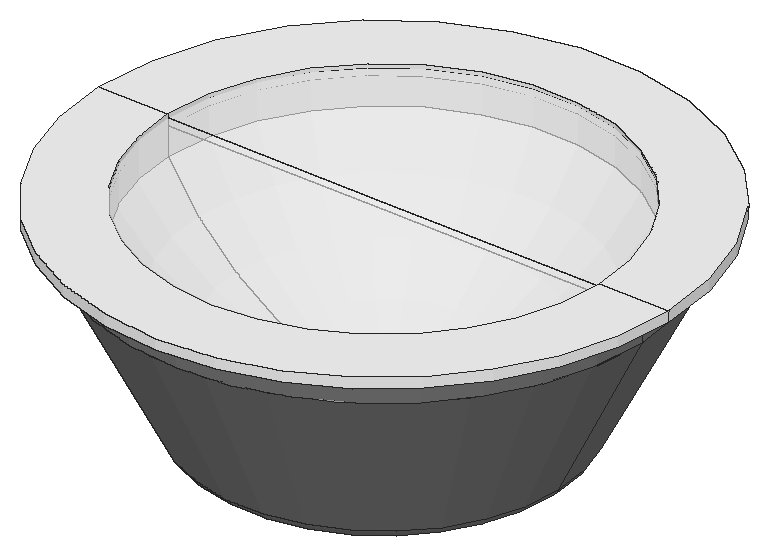
Revit family "30540", category Lighting Fixtures, host Face, Revit 2018
Family settings
  Host = Face
  Round Connector Dimension = Use Diameter
  Part Type = Normal
  OmniClass Number = 23.80.70.00
  OmniClass Title = Lighting
  Cut with Voids When Loaded = No
  Light Source = Yes
  Shared = No
  Room Calculation Point = No
Parameters (values of type "0030540 INSAVER SL  IP44 DALI 225 4800LM 830 ")
  WidthBezel_SYL = if(Size1_SYL, 20 mm, if(Size2_SYL, 20 mm, if(Size3PIR_SYL, 30 mm, if(Size4_SYL, 20 mm, 20 mm))))  # 20 mm
  Weight = "n/a"
  Wattage Comments = ""
  Wattage = 12 W
  WarrantyStartDate [instance] = "n/a"
  WarrantyGuarantorParts = "n/a"
  WarrantyDurationUnit = "n/a"
  WarrantyDurationParts = ""
  WarrantyDescription = "http://www.sylvania-lighting.com"
  built-in parameter 1150110 = 1 (stored number, unit not read)
  Voltage = 230 V
  VisibilityPIR_SYL = Size3PIR_SYL  # no
  URL = "0.96"
  TypeName = "Insaver Slim  IP44 DALI 225 4800lm 830"
  Type Image = <None>
  Type Comments = "n/a"
  built-in parameter 1114217 = 1 (stored number, unit not read)
  Tilt Angle = -90.00°
  built-in parameter 1150109 = 1 (stored number, unit not read)
  built-in parameter 1150134 = (empty or 0)
  built-in parameter 1150113 = 1 (stored number, unit not read)
  Size4_SYL = no
  Size3PIR_SYL = no
  Size2_SYL = no
  Size1_SYL = yes
  SerialNumber [instance] = "n/a"
  RadiusTop_SYL = 6 mm
  RadiusReflector_SYL = if(Size1_SYL, 85 mm, if(Size2_SYL, 85 mm, if(Size3PIR_SYL, 85 mm, if(Size4_SYL, 100 mm, 120 mm))))  # 85 mm
  Photometric Web File = "0030540.IES"
  Material_3_FEILO = Top-Sylvania-STARTDownlight
  PowerFactor = 0.9
  PowerConsumption = "Lighting"
  NominalLength = 165 mm
  NominalHeight = 50 mm
  NominalDepth = 165 mm
  Name = "Insaver Slim  IP44 DALI 225 4800lm 830"
  ModelReference = Name  # "Insaver Slim  IP44 DALI 225 4800lm 830"
  ModelNumber = "0030540"
  Model = Name  # "Insaver Slim  IP44 DALI 225 4800lm 830"
  Material = "Feilo Sylvania"
  ManufacturerName = "117 lm/W"
  Manufacturer = ""
  LuminousEfficacy = ""
  built-in parameter 1150105 = 31.446 (stored number, unit not read)
  Lumens = 395.16 lm
  LuminaireType = "0"
  built-in parameter 1150115 = 1 (stored number, unit not read)
  LightOutputRatio = "LED"
  built-in parameter 1150137 = (empty or 0)
  built-in parameter 1150139 = (empty or 0)
  LampsType = Lamp  # "n/a"
  LampNominalLuminous = "3000 K"
  LampMacAdamStep = "80"
  LampColourTemperature = "LED"
  LampColourRenderingIndex = "16500"
  built-in parameter 1150112 = 1 (stored number, unit not read)
  built-in parameter 1150114 = 1 (stored number, unit not read)
  Lamp = "n/a"
  Keynote = "n/a"
  InstallationDate [instance] = "n/a"
  InputVoltage = "0"
  InputNominalFrequency = "3000"
  built-in parameter 1150132 = (empty or 0)
  built-in parameter 1150102 = (empty or 0)
  built-in parameter 1150107 = 3000 (stored number, unit not read)
  built-in parameter 1150138 = (empty or 0)
  IngressProtection = "IfcLightFixtureType"
  ImpactProtectionIndex = "IfcLightFixtureType"
  built-in parameter 1150106 = 0.31446 (stored number, unit not read)
  IfcExportType = "IfcLightFixtureType"
  IfcExportAs = "Class II"
  Height_SYL = if(Size1_SYL, 61 mm, if(Size2_SYL, 61 mm, if(Size3PIR_SYL, 61 mm, if(Size4_SYL, 61 mm, 60 mm))))  # 61 mm
  HeightBezel_SYL = if(Size1_SYL, 3 mm, if(Size2_SYL, 3 mm, if(Size3PIR_SYL, 3 mm, if(Size4_SYL, 3.2 mm, 3 mm))))  # 3 mm
  ExpectedLife = 50000
  Emit from Circle Diameter = Diameter_SYL - 40 mm  # 125 mm
  Emit Shape Visible in Rendering = no
  ElectricShockClassification = "117"
  built-in parameter 1150104 = 3.0593 (stored number, unit not read)
  DurationUnit = "hours"
  DocumentationLiterature = "http://www.sylvania-lighting.com/product/en-int/products/0030540"
  DimmingControlOptions = "n/a"
  Material_2_FEILO = Diffuser-Sylvania-STARTDownlight
  Dimming Lamp Color Temperature Shift = <None>
  Diameter_SYL = if(Size1_SYL, 165 mm, if(Size2_SYL, 190 mm, if(Size3PIR_SYL, 211 mm, if(Size4_SYL, 220 mm, 240 mm))))  # 165 mm
  DiameterTop_SYL = if(Size1_SYL, 98 mm, if(Size2_SYL, 122 mm, if(Size3PIR_SYL, 120 mm, if(Size4_SYL, 135 mm, 158 mm))))  # 98 mm
  DiameterTopBase_SYL = DiameterRecess_SYL  # 150 mm
  DiameterRecess_SYL = if(Size1_SYL, 150 mm, if(Size2_SYL, 170 mm, if(Size3PIR_SYL, 186 mm, if(Size4_SYL, 200 mm, 225 mm))))  # 150 mm
  Description = "Insaver Slim is a ceiling recessed LED downlight (IP44 from the front),Die-cast aluminium body, loop in loop out connector for quick installation, Dimmable DALI driver of TRIDONIC (Driver LC 45W 450-1050mA 54V o4a NF SR EXC3  875000923), 41W; 4800lm; 117lm/W; 3000K; UGR <22 with shallow product depth 65mm. Meets TP(a) requirements."
  Default Elevation = 1219.2 mm
  CreatedOn = "05/03/2024"
  CreatedBy = "@sylvania-lighting.com"
  Cost = 0
  Color Filter = 16777215
  built-in parameter 1114216 [instance] = (empty or 0)
  ClassificationValue = "EF_70_80"
  ClassificationName = "Uniclass2015"
  Material_1_FEILO = Trim-Sylvania-STARTDownlight-White
  BarCode [instance] = "n/a"
  built-in parameter 1114218 = 1 (stored number, unit not read)
  built-in parameter 1150133 = 10 (stored number, unit not read)
  AssetType = "Fixed"
  AssetIdentifier [instance] = "n/a"
  Assembly Code = "D5020200"
  Apparent Load = 41 VA
  Material_4_FEILO = LED-Sylvania-STARTDownlight
Reference planes
  plane 1 "Center (Front/Back)": y = 0
  plane 2: z = 0
  plane 3 "Center (Left/Right)": x = 0
  plane 4: x = 82.5
  plane 5: x = -82.5
  plane 6: z = 3
  plane 7: z = -8
  plane 8: z = -58
  plane 9: x = -75
  plane 10: x = 75
  plane 11: x = -49
  plane 12: x = 49
  plane 13: z = -85
  plane 14: x = -62.5
  plane 15: z = 2
  plane 16: z = -46
  plane 17: x = -16
  plane 18: x = -67.5
  plane 19: x = -81.5
  plane 20: x = -99.5
  plane 21: x = -76.5
  plane 22: z = 5.5
  plane 23: z = 8.7
  plane 24: x = -75.5
  plane 25: z = 13.7
Forms (mm)
  Revolve 1, void
    sketch origin (0, 0, 0) x (1, 0, 0) y (0, 0, 1)
      loop
        line (0, 0) -> (-75, 0) -> (-75, -85) -> (0, -85) -> (0, 0)
      axis (0, 0) -> (0, -85)
    angle from 360 to 0
  Revolve 2, solid, material "Trim-Sylvania-STARTDownlight-White" <- "Material_1_FEILO"
    sketch origin (0, 0, 0) x (1, 0, 0) y (0, 0, 1)
      loop
        line (-62.5, 3) -> (-82.5, 3) -> (-82.5, 0) -> (-75, 0) -> (-75, -8) -> (-50.681, -54.768)
        arc (-50.681, -54.768) -> (-48.471, -57.129) -> (-45.357, -58) r 6
        line (-45.357, -58) -> (0, -58) -> (0, -46) -> (-16, -46)
        arc (-16, -46) -> (-42.718, -31.243) -> (-62.5, -8) r 85
        line (-62.5, -8) -> (-62.5, 3)
      axis (0, 3) -> (0, -58)
    angle from 360 to 0
  Revolve 3, solid, material "Diffuser-Sylvania-STARTDownlight" <- "Material_2_FEILO"
    sketch origin (0, 0, 0) x (1, 0, 0) y (0, 0, 1)
      loop
        line (-62.5, 0) -> (0, 0) -> (0, 2) -> (-62.5, 2) -> (-62.5, 0)
      axis (0, 2) -> (0, 0)
    angle from 360 to 0
  Revolve 4, solid, material "Trim-Sylvania-STARTDownlight-White" <- "Material_1_FEILO", visible <- "VisibilityPIR_SYL"
    sketch origin (0, 0, 0) x (1, 0, 0) y (0, 0, 1)
      loop
        line (-67.5, 3) -> (-67.5, 13.7)
        arc (-67.5, 13.7) -> (-72.217, 12.347) -> (-75.5, 8.7) r 8.9
        line (-75.5, 8.7) -> (-75.5, 5.5) -> (-76.5, 5.5) -> (-76.5, 3) -> (-67.5, 3)
      axis (-67.5, 13.7) -> (-67.5, 3)
    angle from 360 to 0
Dimensions and locks
  equal spacing: plane 4, plane 3 "Center (Left/Right)", plane 5
  "Diameter_SYL": plane 4 to plane 5
  equal spacing: plane 10, plane 3 "Center (Left/Right)", plane 9
  equal spacing: plane 12, plane 3 "Center (Left/Right)", plane 11
  "DiameterTop_SYL": plane 12 to plane 11
  "HeightBezel_SYL": plane 6 to plane 2
  "Height_SYL": plane 6 to plane 8
  locked: plane 2 to plane 7 at 8
  locked: plane 2 to plane 13 at 85
  "WidthBezel_SYL": plane 14 to plane 5
  locked: plane 6 to plane 15 at 1
  "DiameterRecess_SYL": plane 10 to plane 9
  locked: plane 3 "Center (Left/Right)" to plane 17 at 16
  locked: plane 16 to plane 8 at 12
  locked: plane 18 to plane 21 at 9
  locked: plane 22 to plane 6 at 2.5
  locked: plane 23 to plane 22 at 3.2
  locked: plane 18 to plane 24 at 8
  locked: plane 25 to plane 23 at 5
  locked: plane 25 to Revolve 4 sketch curve at 8.9
  locked: plane 18 to plane 5 at 15
  "RadiusReflector_SYL": radius of Revolve 2 sketch curve
  "RadiusTop_SYL": radius of Revolve 2 sketch curve
  aligned and locked: plane 2 to host face
  aligned and locked: level to host face
  aligned and locked: Revolve 1 sketch curve to plane 3 "Center (Left/Right)"
  aligned and locked: plane 3 "Center (Left/Right)" to Revolve 1 sketch curve
  aligned and locked: Revolve 1 sketch curve to plane 9
  aligned and locked: plane 13 to Revolve 1 sketch curve
  aligned and locked: plane 3 "Center (Left/Right)" to imposter light
  aligned and locked: imposter light to plane 15
  aligned and locked: imposter light to plane 1 "Center (Front/Back)"
  aligned and locked: Revolve 2 sketch curve to plane 3 "Center (Left/Right)"
  aligned and locked: Revolve 2 sketch curve to plane 6
  aligned and locked: Revolve 2 sketch curve to plane 5
  aligned and locked: Revolve 2 sketch curve to level
  aligned and locked: plane 7 to Revolve 2 sketch curve  (x2)
  aligned and locked: Revolve 2 sketch curve to plane 9
  aligned and locked: plane 8 to Revolve 2 sketch curve
  aligned and locked: Revolve 2 sketch curve to plane 14
  aligned and locked: plane 3 "Center (Left/Right)" to Revolve 2 sketch curve
  aligned and locked: Revolve 2 sketch curve to plane 16
  aligned and locked: Revolve 3 sketch curve to plane 3 "Center (Left/Right)"
  aligned and locked: Revolve 3 sketch curve to level
  aligned and locked: imposter light to Revolve 3 sketch curve  (x2)
  aligned and locked: Revolve 4 sketch curve to plane 18  (x2)
  aligned and locked: Revolve 4 sketch curve to plane 6
  aligned and locked: plane 22 to Revolve 4 sketch curve
  aligned and locked: plane 24 to Revolve 4 sketch curve
  aligned and locked: Revolve 4 sketch curve to Revolve 4 sketch curve
  aligned and locked: plane 21 to Revolve 4 sketch curve
Automatic sketch dimensions
  host sketch curve to host sketch curve = 2438.4 mm  (x2)
  plane 13 to Revolve 1 sketch curve = 524.6 mm
  Revolve 1 sketch curve to plane 6 = 2606.058 mm
  Revolve 1 sketch curve to level = 0 mm
  Revolve 2 sketch curve to plane 17 = 0 mm
  Revolve 2 sketch curve to plane 11 = 1.681 mm
  plane 11 to Revolve 2 sketch curve = 3.643 mm
  plane 13 to Revolve 2 sketch curve = 524.6 mm
  Revolve 2 sketch curve to Revolve 2 sketch curve = 2577.983 mm
  Revolve 3 sketch curve to plane 14 = 0 mm
  plane 13 to Revolve 3 sketch curve = 524.6 mm
  Revolve 3 sketch curve to plane 6 = 2606.058 mm
  Revolve 4 sketch curve to plane 23 = 0 mm
  plane 13 to Revolve 4 sketch curve = 524.6 mm
  Revolve 4 sketch curve to Revolve 4 sketch curve = 2595.358 mm
Connectors
  electrical at (0, 0, 0), driven by "Apparent Load", driven by "PowerFactor", driven by "Voltage"
    settings: index 1, voltage 230 V, apparent load 41 VA, apparent load phase1 0 VA, apparent load phase2 0 VA, apparent load phase3 0 VA, power factor 0.9, load classification "Lighting", number of poles 1, system type 30, power factor state 1, is connector primary yes, connector utility no, sub classification motor no, connector description ""
